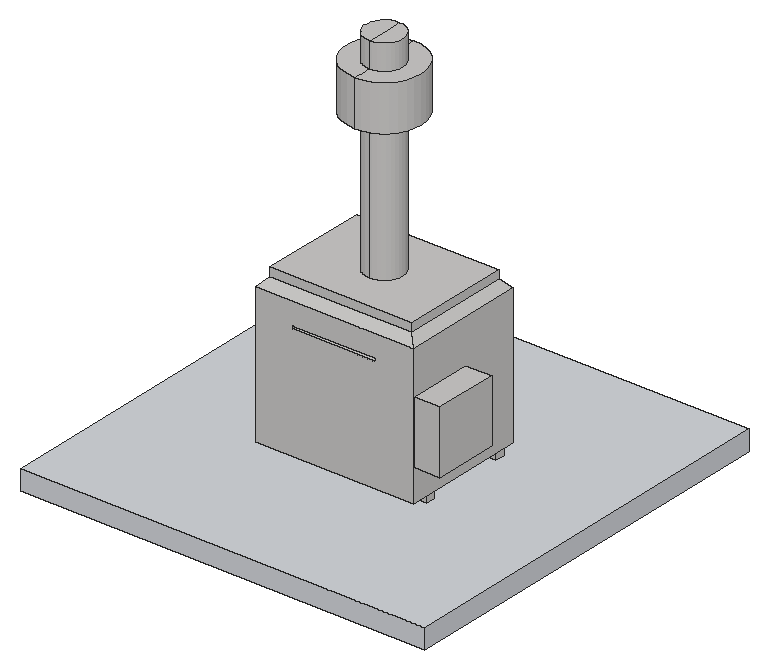
Revit family "DC_Rheem_PLM_Raypak_B0658HWT", category Plumbing Fixtures, host Face, Revit 2020
Family settings
  Host = Face
  Round Connector Dimension = Use Radius
  Part Type = Normal
  Cut with Voids When Loaded = No
  Shared = No
  Room Calculation Point = No
Parameters (values of type "Raypak - Gas Water Heater- Outdoor - 661 MJ/h  Natural gas, modulating gas control")
  Width_ANZRS = 955 mm
  URL = "http://www.rheem.com.au/CommercialProducts"
  Type Comments = "Recovery 2580L/h @ 50°C rise\r\n"
  TopH2_ANZRS = 275 mm
  TopH1_ANZRS = 150 mm
  TopDiaSmall_ANZRS = 225 mm
  TopDiaBig_ANZRS = 450 mm
  T_ANZRS = 50 mm
  Model = "B0658NCM/HWT\r\n"
  Materials_ANZRS = Raypak -  Grey Powder Coated Steel
  PVRDist_ANZRS = 85 mm
  PRV_ANZRS = 15 mm
  Manufacturer = "Raypak\r\n"
  Length_ANZRS = 750 mm
  L1_ANZRS = 387 mm
  HotWateroutletradius_ANZRS = 20 mm
  HotWateroutletDiameter_ANZRS = HotWateroutletradius_ANZRS * 2  # 40 mm
  HotWaterConn.Dist_ANZRS = 155 mm
  Height_ANZRS = 2255 mm
  H1_ANZRS = 935 mm
  GasInletradius_ANZRS = 15 mm
  GasInletHeight_ANZRS = 435 mm
  GasInletDiameter_ANZRS = GasInletradius_ANZRS * 2  # 30 mm
  GasConn.Dist_ANZRS = 95 mm
  EleBoxW_ANZRS = 160 mm
  EleBoxHeightFromBase_ANZRS = 235 mm
  EleBoxHeight_ANZRS = 380 mm
  DesignBy_ANZRS = "Design Content ©"
  Description = "Raypak - Gas Water Heater- Outdoor - 661 MJ/h  Natural gas, modulating gas control\r\n"
  Default Elevation = 0 mm
  ConnHeight_ANZRS = 745 mm
  ColdWaterInletRadius_ANZRS = 20 mm
  ColdWaterInletDiameter_ANZRS = ColdWaterInletRadius_ANZRS * 2  # 40 mm
  ColdWaterConn.Dist_ANZRS = 280 mm
  BoxHeight_ANZRS = 975 mm
  Base1Dist_ANZRS = 75 mm
  BaseWidth_ANZRS = 55 mm
  BaseHeight_ANZRS = 35 mm
  Basae2Dist_ANZRS = 95 mm
  Author_ANZRS = "DM"
  Assembly Code = ""
Types (4, lengths in mm): name | Type Comments | Model | Description
  Raypak - Gas Water Heater- Outdoor - 661 MJ/h  Natural gas, modulating gas control | "Recovery 2580L/h @ 50°C rise\r\n" | "B0658NCM/HWT\r\n" | "Raypak - Gas Water Heater- Outdoor - 661 MJ/h  Natural gas, modulating gas control\r\n"
  Raypak - Gas Water Heater- Outdoor - 661  MJ/h  Natural gas, On/Off gas control | "Recovery 2580L/h @ 50°C rise\r\n" | "B0658NCO/HWT\r\n" | "Raypak - Gas Water Heater- Outdoor - 661  MJ/h  Natural gas, On/Off gas control\r\n"
  Raypak - Gas Water Heater- Outdoor - 620 MJ/h  Propane gas, modulating gas control | "Recovery 2480L/h @ 50°C rise\r\n" | "B0658PCM/HWT\r\n\r\n" | "Raypak - Gas Water Heater- Outdoor - 620 MJ/h  Propane gas, modulating gas control\r\n"
  Raypak - Gas Water Heater- Outdoor - 620 MJ/h  Propane gas, On/Off gas control | "Recovery 2480L/h @ 50°C rise\r\n" | "B0658PCO/HWT\r\n\r\n\r\n" | "Raypak - Gas Water Heater- Outdoor - 620 MJ/h  Propane gas, On/Off gas control\r\n"
Reference planes
  plane 1 "Center (Front/Back)": y = 0
  plane 2: z = 0
  plane 3 "Center (Left/Right)": x = 0
  plane 4: y = 375
  plane 5: y = -375
  plane 6: x = -477.5
  plane 7: x = 477.5
  plane 8: z = 35
  plane 9: z = 975
  plane 10: y = 300
  plane 11: y = 245
  plane 12: y = -225
  plane 13: y = -280
  plane 14: y = -280
  plane 15: y = 220
  plane 16: y = -60
  plane 17: z = 745
  plane 18: y = 290
  plane 19: y = 112.5
  plane 20: y = -112.5
  plane 21: y = 225
  plane 22: y = -225
  plane 23: z = 2255
  plane 24: z = 2105
  plane 25: z = 1830
  plane 26: y = 325
  plane 27: y = -325
  plane 28: z = 925
  plane 29: z = 875
  plane 30: z = 435
  plane 31: x = -225
  plane 32: x = 225
  plane 33: x = -112.5
  plane 34: x = 112.5
  plane 35: x = 637.5
  plane 36: z = 615
  plane 37: z = 235
  plane 38: z = 725
  plane 39: x = 250
  plane 40: x = -250
  plane 41: y = -365
  plane 42: x = -467.5
  plane 43: y = 10
Forms (mm)
  Extrusion 1, solid
    sketch origin (0, 0, 0) x (1, 0, 0) y (0, 1, 0)
      loop
        line (-1219.2, 1219.2) -> (-1219.2, -1219.2) -> (1219.2, -1219.2) -> (1219.2, 1219.2) -> (-1219.2, 1219.2)
    from 0 to -120
  Extrusion 2, solid, material "Raypak -  Grey Powder Coated Steel" <- "Materials_ANZRS"
    sketch origin (0, 0, 0) x (1, 0, 0) y (0, 1, 0)
      loop
        line (-477.5, 375) -> (-477.5, -375) -> (477.5, -375) -> (477.5, 375) -> (-477.5, 375)
    from 35 to 975
  Sweep 3, void
    path origin (0, 0, 0) x (1, 0, 0) y (0, 1, 0)
      loop
        line (-477.5, 375) -> (-477.5, -375) -> (477.5, -375) -> (477.5, 375) -> (-477.5, 375)
    profile origin (0, 375, 0) x (0, 1, 0) y (0, 0, 1)
      loop
        line (-50, 975) -> (-50, 925) -> (0, 875) -> (0, 975) -> (-50, 975)
  Extrusion 4, solid, material "Raypak -  Grey Powder Coated Steel" <- "Materials_ANZRS"
    sketch origin (0, 0, 0) x (0, 1, 0) y (0, 0, 1)
      loop
        line (300, 35) -> (245, 35) -> (245, 0) -> (300, 0) -> (300, 35)
      loop
        line (-225, 35) -> (-280, 35) -> (-280, 0) -> (-225, 0) -> (-225, 35)
    from -477.5 to 477.5
  Revolve 5, solid, material "Raypak -  Grey Powder Coated Steel" <- "Materials_ANZRS"
    sketch origin (0, 0, 0) x (0, 1, 0) y (0, 0, 1)
      loop
        line (0, 2255) -> (-112.5, 2255) -> (-112.5, 2105) -> (-225, 2105) -> (-225, 1830) -> (-112.5, 1830) -> (-112.5, 975) -> (0, 975) -> (0, 2255)
      axis (0, 2255) -> (0, 975)
    angle from 0 to 360
  Extrusion 6, solid, material "Raypak -  Grey Powder Coated Steel" <- "Materials_ANZRS"
    sketch origin (0, 0, 0) x (1, 0, 0) y (0, 0, 1)
      loop
        line (477.5, 615) -> (477.5, 235) -> (637.5, 235) -> (637.5, 615) -> (477.5, 615)
    from -10 to 375
  Extrusion 7, void
    sketch origin (0, 0, 0) x (1, 0, 0) y (0, 0, 1)
      loop
        line (-250, 745) -> (-250, 725) -> (250, 725) -> (250, 745) -> (-250, 745)
    from 344.946 to 375
  Extrusion 8, void
    sketch origin (0, 0, 0) x (0, 1, 0) y (0, 0, 1)
      loop
        circle (290, 745) r 15
      loop
        circle (220, 745) r 20
      loop
        circle (-60, 745) r 20
      loop
        circle (-280, 435) r 15
    from -477.5 to -467.5
Cuts and joins
  Sweep 3, Extrusion 7, Extrusion 8 cuts Extrusion 2
Lines and regions (mm)
  Masking region 1
    outline origin (0, 0, 0) x (1, 0, 0) y (0, 0, 1)
      loop
        line (225, 1830) -> (225, 2105) -> (112.5, 2105) -> (112.5, 2255) -> (-112.5, 2255) -> (-112.5, 2105) -> (-225, 2105) -> (-225, 1830) -> (-112.5, 1830) -> (-112.5, 975) -> (-427.5, 975) -> (-427.5, 925) -> (-477.5, 875) -> (-477.5, 0) -> (477.5, 0) -> (477.5, 235) -> (637.5, 235) -> (637.5, 615) -> (477.5, 615) -> (477.5, 875) -> (427.5, 925) -> (427.5, 975) -> (112.5, 975) -> (112.5, 1830) -> (225, 1830)
  Masking region 2
    outline origin (0, 0, 0) x (0, 1, 0) y (0, 0, 1)
      loop
        line (-112.5, 975) -> (-325, 975) -> (-325, 925) -> (-375, 875) -> (-375, 0) -> (375, 0) -> (375, 875) -> (325, 925) -> (325, 975) -> (112.5, 975) -> (112.5, 1830) -> (225, 1830) -> (225, 2105) -> (112.5, 2105) -> (112.5, 2255) -> (-112.5, 2255) -> (-112.5, 2105) -> (-225, 2105) -> (-225, 1830) -> (-112.5, 1830) -> (-112.5, 975)
  Masking region 3
    outline origin (0, 0, 0) x (0, 1, 0) y (0, 0, 1)
      loop
        circle (290, 745) r 15
      loop
        circle (220, 745) r 20
      loop
        circle (-60, 745) r 20
      loop
        circle (-280, 435) r 15
  symbolic lines, style "Rheem Raypak", detail levels fine
    curve 1: line (477.5, 375, 0) -> (-477.5, 375, 0)
    curve 2: line (477.5, -375, 0) -> (477.5, 375, 0)
    curve 3: line (-477.5, -375, 0) -> (477.5, -375, 0)
    curve 4: line (-477.5, 375, 0) -> (-477.5, -375, 0)
    curve 5: line (-427.5, -325, 0) -> (-427.5, 325, 0)
    curve 6: line (-427.5, 325, 0) -> (427.5, 325, 0)
    curve 7: line (427.5, 325, 0) -> (427.5, -325, 0)
    curve 8: line (427.5, -325, 0) -> (-427.5, -325, 0)
    curve 9: line (477.5, 375, 0) -> (427.5, 325, 0)
    curve 10: line (427.5, -325, 0) -> (477.5, -375, 0)
    curve 11: line (-427.5, -325, 0) -> (-477.5, -375, 0)
    curve 12: line (-427.5, 325, 0) -> (-477.5, 375, 0)
    curve 13: arc (0, 225, 0) -> (225, 0, 0) -> (0, -225, 0) r 225
    curve 14: arc (0, -225, 0) -> (-225, 0, 0) -> (0, 225, 0) r 225
    curve 15: arc (0, -112.5, 0) -> (-112.5, 0, 0) -> (0, 112.5, 0) r 112.5
    curve 16: arc (0, 112.5, 0) -> (112.5, 0, 0) -> (0, -112.5, 0) r 112.5
    curve 17: line (637.5, -375, 0) -> (637.5, 10, 0)
    curve 18: line (637.5, 10, 0) -> (477.5, 10, 0)
    curve 19: line (477.5, -375, 0) -> (637.5, -375, 0)
    curve 20: line (427.5, 0, 975) -> (-427.5, 0, 975)
    curve 21: line (-427.5, 0, 925) -> (427.5, 0, 925)
    curve 22: line (427.5, 0, 975) -> (427.5, 0, 925)
    curve 23: line (-427.5, 0, 925) -> (-427.5, 0, 975)
    curve 24: line (-477.5, 0, 875) -> (-427.5, 0, 925)
    curve 25: line (427.5, 0, 925) -> (477.5, 0, 875)
    curve 26: line (477.5, 0, 875) -> (-477.5, 0, 875)
    curve 27: line (477.5, 0, 35) -> (477.5, 0, 875)
    curve 28: line (-477.5, 0, 875) -> (-477.5, 0, 35)
    curve 29: line (250, 0, 745) -> (-250, 0, 745)
    curve 30: line (-250, 0, 725) -> (250, 0, 725)
    curve 31: line (-250, 0, 745) -> (-250, 0, 725)
    curve 32: line (250, 0, 725) -> (250, 0, 745)
    curve 33: line (637.5, 0, 615) -> (477.5, 0, 615)
    curve 34: line (637.5, 0, 235) -> (637.5, 0, 615)
    curve 35: line (477.5, 0, 235) -> (637.5, 0, 235)
    curve 36: line (-477.5, 0, 35) -> (477.5, 0, 35)
    curve 37: line (-477.5, 0, 35) -> (-477.5, 0, 0)
    curve 38: line (477.5, 0, 0) -> (477.5, 0, 35)
    curve 39: line (-477.5, 0, 0) -> (477.5, 0, 0)
    curve 40: line (0, 0, 2105) -> (225, 0, 2105)
    curve 41: line (-225, 0, 2105) -> (0, 0, 2105)
    curve 42: line (-225, 0, 1830) -> (0, 0, 1830)
    curve 43: line (0, 0, 1830) -> (225, 0, 1830)
    curve 44: line (-112.5, 0, 2255) -> (0, 0, 2255)
    curve 45: line (0, 0, 2255) -> (112.5, 0, 2255)
    curve 46: line (-112.5, 0, 1830) -> (-112.5, 0, 975)
    curve 47: line (112.5, 0, 975) -> (112.5, 0, 1830)
    curve 48: line (112.5, 0, 2105) -> (112.5, 0, 2255)
    curve 49: line (-112.5, 0, 2255) -> (-112.5, 0, 2105)
    curve 50: line (0, 325, 975) -> (0, -325, 975)
    curve 51: line (0, 325, 925) -> (0, -325, 925)
    curve 52: line (0, -375, 875) -> (0, 375, 875)
    curve 53: line (0, -375, 875) -> (0, -325, 925)
    curve 54: line (0, -325, 925) -> (0, -325, 975)
    curve 55: line (0, 325, 975) -> (0, 325, 925)
    curve 56: line (0, 325, 925) -> (0, 375, 875)
    curve 57: line (0, 375, 35) -> (0, 375, 875)
    curve 58: line (0, -375, 875) -> (0, -375, 35)
    curve 59: line (0, -375, 35) -> (0, 375, 35)
    curve 60: line (0, 300, 0) -> (0, 300, 35)
    curve 61: line (0, 245, 35) -> (0, 245, 0)
    curve 62: line (0, 245, 0) -> (0, 300, 0)
    curve 63: line (0, -280, 35) -> (0, -280, 0)
    curve 64: line (0, -225, 0) -> (0, -225, 35)
    curve 65: line (0, -280, 0) -> (0, -225, 0)
    curve 66: line (0, -112.5, 2255) -> (0, 112.5, 2255)
    curve 67: line (0, -225, 2105) -> (0, 225, 2105)
    curve 68: line (0, -225, 1830) -> (0, 225, 1830)
    curve 69: line (0, -112.5, 1830) -> (0, -112.5, 975)
    curve 70: line (0, 112.5, 975) -> (0, 112.5, 1830)
    curve 71: line (0, 112.5, 2105) -> (0, 112.5, 2255)
    curve 72: line (0, -112.5, 2255) -> (0, -112.5, 2105)
Dimensions and locks
  equal spacing: plane 4, plane 1 "Center (Front/Back)", plane 5
  "Length_ANZRS": plane 4 to plane 5
  equal spacing: plane 6, plane 3 "Center (Left/Right)", plane 7
  "Width_ANZRS": plane 6 to plane 7
  "BaseHeight_ANZRS": plane 8 to Extrusion 1
  "BoxHeight_ANZRS": plane 9 to Extrusion 1
  "Base1Dist_ANZRS": plane 4 to plane 10
  "BaseWidth_ANZRS": plane 10 to plane 11
  "Basae2Dist_ANZRS": plane 13 to plane 5
  "BaseWidth_ANZRS": plane 12 to plane 13
  "GasConn.Dist_ANZRS": plane 14 to plane 5
  "HotWaterConn.Dist_ANZRS": plane 4 to plane 15
  "ColdWaterConn.Dist_ANZRS": plane 15 to plane 16
  "ConnHeight_ANZRS": plane 17 to Extrusion 1
  "PVRDist_ANZRS": plane 4 to plane 18
  equal spacing: plane 19, plane 1 "Center (Front/Back)", plane 20
  "TopDiaSmall_ANZRS": plane 19 to plane 20
  equal spacing: plane 21, plane 1 "Center (Front/Back)", plane 22
  "TopDiaBig_ANZRS": plane 21 to plane 22
  "Height_ANZRS": plane 23 to Extrusion 1
  "T_ANZRS": plane 4 to plane 26
  "T_ANZRS": plane 27 to plane 5
  equal spacing: plane 9, plane 28, plane 29
  "T_ANZRS": plane 28 to plane 29
  "TopH1_ANZRS": plane 23 to plane 24
  "TopH2_ANZRS": plane 24 to plane 25
  "GasInletHeight_ANZRS": plane 30 to Extrusion 1
  equal spacing: plane 33, plane 3 "Center (Left/Right)", plane 34
  equal spacing: plane 31, plane 3 "Center (Left/Right)", plane 32
  "TopDiaBig_ANZRS": plane 31 to plane 32
  "TopDiaSmall_ANZRS": plane 33 to plane 34
  "EleBoxW_ANZRS": plane 35 to plane 7
  "EleBoxHeight_ANZRS": plane 36 to plane 37
  "EleBoxHeightFromBase_ANZRS": plane 37 to Extrusion 1
  equal spacing: plane 39, plane 3 "Center (Left/Right)", plane 40
  plane 39 to plane 40 = 500 mm
  locked: plane 41 to plane 5 at 10
  locked: plane 6 to plane 42 at 10
  plane 4 to plane 5 = 750 mm
  plane 9 to level = 975 mm
  plane 5 to plane 43 = 385 mm
  "GasInletradius_ANZRS": radius of Extrusion 8 sketch curve
  "ColdWaterInletRadius_ANZRS": radius of Extrusion 8 sketch curve
  "HotWateroutletradius_ANZRS": radius of Extrusion 8 sketch curve
  "PRV_ANZRS": radius of Extrusion 8 sketch curve
  aligned and locked: plane 2 to Extrusion 1
  aligned and locked: level to Extrusion 1
  aligned and locked: Extrusion 2 sketch curve to plane 4
  aligned and locked: plane 6 to Extrusion 2 sketch curve
  aligned and locked: Extrusion 2 sketch curve to plane 5
  aligned and locked: plane 7 to Extrusion 2 sketch curve
  aligned and locked: Extrusion 2 to plane 8
  aligned and locked: plane 9 to Extrusion 2
  aligned and locked: Sweep 3 sketch curve to Extrusion 2  (x4)
  aligned and locked: plane 26 to Sweep 3 sketch curve
  aligned and locked: plane 9 to Sweep 3 sketch curve
  aligned and locked: plane 4 to Sweep 3 sketch curve
  aligned and locked: plane 8 to Extrusion 4 sketch curve  (x2)
  aligned and locked: Extrusion 4 sketch curve to plane 10
  aligned and locked: Extrusion 4 sketch curve to level  (x2)
  aligned and locked: plane 11 to Extrusion 4 sketch curve
  aligned and locked: Extrusion 4 sketch curve to plane 12
  aligned and locked: plane 14 to Extrusion 4 sketch curve
  aligned and locked: Extrusion 4 to plane 6
  aligned and locked: Extrusion 4 to plane 7
  aligned and locked: plane 23 to Revolve 5 sketch curve
  aligned and locked: Revolve 5 sketch curve to plane 20
  aligned and locked: plane 24 to Revolve 5 sketch curve
  aligned and locked: Revolve 5 sketch curve to plane 25
  aligned and locked: Revolve 5 sketch curve to plane 22
  aligned and locked: plane 1 "Center (Front/Back)" to Revolve 5 sketch curve
  aligned and locked: plane 9 to Revolve 5 sketch curve
  aligned and locked: Extrusion 6 sketch curve to plane 36
  aligned and locked: Extrusion 6 sketch curve to plane 7
  aligned and locked: plane 37 to Extrusion 6 sketch curve
  aligned and locked: Extrusion 6 sketch curve to plane 35
  aligned and locked: Extrusion 7 sketch curve to plane 17
  aligned and locked: plane 40 to Extrusion 7 sketch curve
  aligned and locked: plane 38 to Extrusion 7 sketch curve
  aligned and locked: Extrusion 7 sketch curve to plane 39
  aligned and locked: plane 5 to Extrusion 7
  aligned and locked: plane 17 to Extrusion 8 sketch curve  (x3)
  aligned and locked: plane 18 to Extrusion 8 sketch curve
  aligned and locked: plane 15 to Extrusion 8 sketch curve
  aligned and locked: plane 16 to Extrusion 8 sketch curve
  aligned and locked: plane 14 to Extrusion 8 sketch curve
  aligned and locked: plane 30 to Extrusion 8 sketch curve
  aligned and locked: Extrusion 8 to plane 6
  aligned and locked: Extrusion 8 to plane 42
  aligned and locked: plane 32 to Masking region 1 sketch curve
  aligned and locked: Masking region 1 sketch curve to plane 31
  aligned and locked: Masking region 1 sketch curve to plane 33
  aligned and locked: Masking region 1 sketch curve to plane 34
  aligned and locked: Masking region 1 sketch curve to plane 23
  aligned and locked: plane 25 to Masking region 1 sketch curve
  aligned and locked: Masking region 1 sketch curve to plane 9
  aligned and locked: plane 7 to Masking region 1 sketch curve
  aligned and locked: Masking region 1 sketch curve to plane 6
  aligned and locked: Masking region 1 sketch curve to plane 36
  aligned and locked: Masking region 1 sketch curve to plane 35
  aligned and locked: Masking region 1 sketch curve to plane 37
  aligned and locked: Masking region 1 sketch curve to plane 2
  aligned and locked: Masking region 1 sketch curve to cut or joined group of Extrusion 2, Sweep 3, Extrusion 7, Extrusion 8  (x2)
  aligned and locked: Masking region 1 sketch curve to plane 24
  aligned and locked: Masking region 2 sketch curve to plane 20
  aligned and locked: Masking region 2 sketch curve to plane 19
  aligned and locked: plane 23 to Masking region 2 sketch curve
  aligned and locked: plane 24 to Masking region 2 sketch curve
  aligned and locked: Masking region 2 sketch curve to plane 25
  aligned and locked: plane 21 to Masking region 2 sketch curve
  aligned and locked: Masking region 2 sketch curve to plane 22
  aligned and locked: plane 9 to Masking region 2 sketch curve
  aligned and locked: plane 26 to Masking region 2 sketch curve
  aligned and locked: Masking region 2 sketch curve to plane 27
  aligned and locked: Masking region 2 sketch curve to plane 5
  aligned and locked: plane 4 to Masking region 2 sketch curve
  aligned and locked: Extrusion 1 to Masking region 2 sketch curve
  aligned: plane 4 to Extrusion 6
  aligned and locked: plane 5 to Extrusion 6
  aligned and locked: Extrusion 6 to plane 43
Automatic sketch dimensions
  Extrusion 1 sketch curve to Extrusion 1 sketch curve = 2438.4 mm  (x2)
  Sweep 3 sketch curve to Sweep 3 sketch curve = 50 mm  (x2)
  Revolve 5 sketch curve to plane 1 "Center (Front/Back)" = 0 mm
  Revolve 5 sketch curve to level = 2207.352 mm
  Revolve 5 sketch curve to plane 20 = 0 mm
  plane 23 to Revolve 5 sketch curve = 213.807 mm
  plane 7 to Masking region 1 sketch curve = 0 mm
  Masking region 1 sketch curve to plane 28 = 0 mm  (x2)
  Masking region 1 sketch curve to plane 29 = 0 mm  (x2)
  Masking region 1 sketch curve to plane 9 = 0 mm
  Masking region 1 sketch curve to plane 34 = 0 mm
  Masking region 1 sketch curve to plane 24 = 0 mm
  Masking region 1 sketch curve to plane 25 = 0 mm
  plane 33 to Masking region 1 sketch curve = 0 mm
  Masking region 2 sketch curve to plane 29 = 0 mm  (x2)
  Masking region 2 sketch curve to plane 28 = 0 mm  (x2)
  Masking region 2 sketch curve to plane 9 = 0 mm
  Masking region 2 sketch curve to plane 20 = 0 mm
  plane 25 to Masking region 2 sketch curve = 0 mm
  Masking region 2 sketch curve to plane 19 = 0 mm
  Masking region 2 sketch curve to plane 24 = 0 mm
  curve 37 to plane 6 = 0 mm
  curve 39 to level = 0 mm
  curve 24 to plane 28 = 0 mm
  curve 30 to plane 38 = 0 mm
  curve 30 to plane 40 = 0 mm
  plane 31 to curve 41 = 0 mm
  plane 31 to curve 42 = 0 mm
  plane 33 to curve 46 = 0 mm
  curve 49 to plane 23 = 0 mm
  plane 33 to curve 49 = 0 mm
  curve 41 to plane 3 "Center (Left/Right)" = 0 mm
  curve 45 to plane 3 "Center (Left/Right)" = 0 mm
  curve 43 to plane 3 "Center (Left/Right)" = 0 mm
  plane 34 to curve 47 = 0 mm
  curve 48 to plane 34 = 0 mm
  curve 43 to plane 32 = 0 mm
  curve 40 to plane 32 = 0 mm
  curve 32 to plane 17 = 0 mm
  curve 30 to plane 39 = 0 mm
  curve 22 to plane 9 = 0 mm
  plane 7 to curve 26 = 0 mm
  curve 34 to plane 35 = 0 mm
  curve 28 to plane 8 = 0 mm
  curve 35 to plane 37 = 0 mm
  curve 34 to plane 36 = 0 mm
  curve 27 to plane 29 = 0 mm
  curve 24 to plane 42 = 40 mm
  plane 7 to curve 22 = 50 mm
  curve 46 to plane 25 = 0 mm
  plane 24 to curve 41 = 0 mm
  curve 58 to plane 5 = 0 mm
  curve 54 to plane 27 = 0 mm
  curve 63 to plane 13 = 0 mm
  curve 64 to plane 8 = 0 mm
  curve 64 to plane 12 = 0 mm
  curve 68 to plane 12 = 0 mm
  curve 67 to plane 12 = 0 mm
  curve 69 to plane 20 = 0 mm
  curve 72 to plane 20 = 0 mm
  curve 71 to plane 19 = 0 mm
  curve 70 to plane 19 = 0 mm
  curve 68 to plane 21 = 0 mm
  curve 67 to plane 21 = 0 mm
  curve 61 to level = 0 mm
  curve 62 to plane 11 = 0 mm
  curve 60 to plane 10 = 0 mm
  curve 51 to plane 26 = 0 mm
  curve 57 to plane 4 = 0 mm
  curve 63 to level = 0 mm
  curve 58 to plane 29 = 0 mm
  curve 54 to plane 28 = 0 mm
  curve 70 to plane 9 = 0 mm
  curve 72 to plane 23 = 0 mm
  curve 68 to plane 25 = 0 mm
  plane 24 to curve 67 = 0 mm
  Masking region 3 sketch curve to plane 17 = 0 mm  (x3)
  Masking region 3 sketch curve to plane 18 = 0 mm
  plane 18 to Masking region 3 sketch curve = 15 mm
  Masking region 3 sketch curve to plane 15 = 0 mm
  Masking region 3 sketch curve to Masking region 3 sketch curve = 20 mm
  Masking region 3 sketch curve to plane 16 = 0 mm
  plane 16 to Masking region 3 sketch curve = 20 mm
  Masking region 3 sketch curve to Masking region 3 sketch curve = 0 mm  (x2)
  Masking region 3 sketch curve to plane 30 = 0 mm
  Masking region 3 sketch curve to plane 13 = 0 mm
  Masking region 3 sketch curve to Masking region 3 sketch curve = 15 mm
  curve 13 to curve 15 = 0 mm  (x2)
  plane 5 to curve 11 = 0 mm
  curve 11 to plane 6 = 0 mm
  curve 8 to plane 27 = 0 mm
  plane 26 to curve 5 = 0 mm
  curve 16 to plane 3 "Center (Left/Right)" = 0 mm
  curve 18 to plane 7 = 0 mm
  curve 17 to plane 35 = 0 mm
  plane 12 to curve 14 = 0 mm
  plane 20 to curve 15 = 0 mm
  plane 1 "Center (Front/Back)" to curve 16 = 0 mm
  plane 43 to curve 17 = 0 mm
  curve 12 to plane 4 = 0 mm
  curve 8 to plane 42 = 40 mm
  plane 7 to curve 7 = 50 mm
Connectors
  piping at (-477.5, 290, 745), diameter 30, driven by "PRV_ANZRS"
    settings: on cut or joined group of Extrusion 2, Sweep 3, Extrusion 7, Extrusion 8, index 1, connector inside diameter 1.1811", connector length 0 mm, flow factor 0, pipe flow 0 GPM, pressure drop 0.00 psi, fitting loss kfactor 0, connector angle 0.00°, fixture units 0, engagement length 0 mm, angle of deflection 0.00°, flow configuration 1, flow direction 2, fitting loss method 0, system type 22, joint type 0, gender type 0, connector reference index -1, connector utility 0, adjustable connector no, is connector primary yes, connector description "PRV"
  piping at (-477.5, 220, 745), diameter 40, driven by "HotWateroutletradius_ANZRS"
    settings: on cut or joined group of Extrusion 2, Sweep 3, Extrusion 7, Extrusion 8, index 2, connector inside diameter 1.5748", connector length 0 mm, flow factor 0, pipe flow 0 GPM, pressure drop 0.00 psi, fitting loss kfactor 0, connector angle 0.00°, fixture units 0, engagement length 0 mm, angle of deflection 0.00°, flow configuration 1, flow direction 2, fitting loss method 0, system type 19, joint type 0, gender type 0, connector reference index -1, connector utility 0, adjustable connector no, is connector primary no, connector description ""
  piping at (-477.5, -60, 745), diameter 40, driven by "ColdWaterInletRadius_ANZRS"
    settings: on cut or joined group of Extrusion 2, Sweep 3, Extrusion 7, Extrusion 8, index 3, connector inside diameter 1.5748", connector length 0 mm, flow factor 0, pipe flow 0 GPM, pressure drop 0.00 psi, fitting loss kfactor 0, connector angle 0.00°, fixture units 0, engagement length 0 mm, angle of deflection 0.00°, flow configuration 1, flow direction 1, fitting loss method 0, system type 20, joint type 0, gender type 0, connector reference index -1, connector utility 0, adjustable connector no, is connector primary no, connector description ""
  piping at (-477.5, -280, 435), diameter 30, driven by "GasInletradius_ANZRS"
    settings: on cut or joined group of Extrusion 2, Sweep 3, Extrusion 7, Extrusion 8, index 4, connector inside diameter 1.1811", connector length 0 mm, flow factor 0, pipe flow 0 GPM, pressure drop 0.00 psi, fitting loss kfactor 0, connector angle 0.00°, fixture units 0, engagement length 0 mm, angle of deflection 0.00°, flow configuration 1, flow direction 1, fitting loss method 0, system type 22, joint type 0, gender type 0, connector reference index -1, connector utility 0, adjustable connector no, is connector primary no, connector description "Gas"
